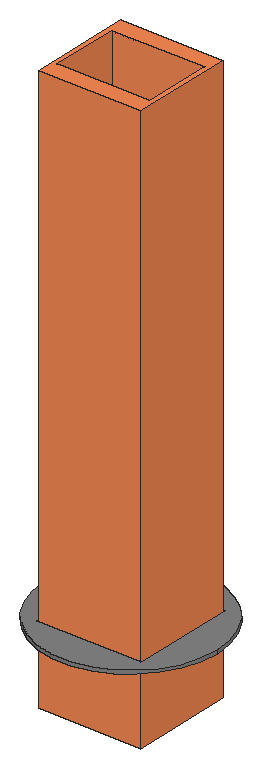
Revit family "Legrand_ElectricFireStopping_EZPathFirestopModule_Series33_Floor", category Equipement spécialisé, Revit 2020
Family settings
  Hôte = Sol
  Cote de connecteur circulaire = Utiliser le diamètre
  Type d'élément = Normal
  Numéro OmniClass = 23.20.50.14
  Titre OmniClass = Firestopping
  Toujours verticalement = Oui
  Couper avec des vides une fois chargée = Non
  Partagée = Non
  Point de calcul de pièce = Non
Parameters (values of type "1 Device with Circular Plate Réf 250018 + 250220")
  _DistributedBy = "www.bimstore.co.uk"
  _CurrentRevision = 2
  _CreatedBy = "https://www.legrand.co.uk/"
  _BimSpecGuid = 0
  _BSBibleVersion = 15
  _AuthorizedBy = "Kris Atkinson"
  _Author = "TechServ@stifirestop.com"
  Weight(Kg) = 1.16 kg
  WarrantyStartDate [instance] = "please record on commissioning"
  WarrantyGuarantorParts = "legrand.sales@legrand.co.uk"
  WarrantyGuarantorLabor = "n/a"
  WarrantyDurationUnit = "Years"
  WarrantyDurationParts = "0"
  WarrantyDurationLabor = "0"
  WarrantyDescription = "Firestop certification guaranteed throughout the entire lifetime of the electrical installation"
  VolumeExpansion = "800%"
  URL = "https://www.legrand.co.uk/products/cable-management/ez-path-fire-stopping-devices/"
  TypeName = Commentaires du type  # "1 Device with Circular Plate"
  General Conditions of Use = "https://export.legrand.com/en/terms-of-use-BIM-objects"
  Elévation par défaut = 0 mm
  Commentaires du type = "1 Device with Circular Plate"
  TestedSystems = "https://www.legrand.co.uk/products/cable-management/ez-path-fire-stopping-devices/"
  TagNumber = "n/a"
  SpareParts = "n/a"
  SoundInsulation(ASTME90) = "STC 50"
  Size = "80x80mm"
  ShelfLife = "No Limit"
  Shape = "Square (Series 33)"
  SerialNumber [instance] = "please record on commissioning"
  SecondaryModelNumberExtensions = "EZD33E"
  SecondaryModelNumberDevice = "EZD33T"
  SecondaryModelNumberBrackets = "EZP133KT"
  SafetyDataSheet = "https://files.stifirestop.com/5.%20Safety%20Data%20Sheets/1.%20English/SDS_EZ-Path%2033.pdf"
  ReplacementCost = "n/a"
  ReferencedStandard = "CE Marking, EN 1366-3, ETA 130993"
  ReactionToFire(EN13501-1) = "Class E"
  ProductionYear = "2017"
  ProductPage = "https://www.legrand.co.uk/products/cable-management/ez-path-fire-stopping-devices/"
  NominalWidth = FloorCutoutWidth  # 77.788 mm
  NominalLength [instance] = FloorThickness + 114.4 mm  # 419.2 mm
  NominalHeight = FloorCutoutHeight  # 77.787 mm
  NoOfExtensions [instance] = (if(ExtensionCalc < 0, 0, ExtensionCalc)) * NoOfDevices  # 1
  NoOfDevices = 1
  NBSReference = "30-85-30"
  NBSOfficeMasterTag = "n/a"
  NBSObjectName = "Legrand Electric Ltd - Fire stopping systems"
  NBSNote = "n/a"
  NBSDescription = "Fire stopping systems"
  ModelReference = Modèle  # "EZ-Path® Permanent Automatic Mechanical Firestop System (Series 33) Floor"
  ModelNumberHangerBracket = "n/a"
  ModelNumberExtensions = "CM250078"
  ModelNumberDevice = "CM250018"
  ModelNumberBrackets = "CM250220"
  ModelNumberAccessoryBracket = "n/a"
  ModelNumber = ModelNumberDevice  # "CM250018"
  Material = "1.5mm thk Galv Steel"
  ManufacturerName = Fabricant  # "Legrand Electric Ltd"
  Note d'identification = "P12"
  InstallationDate [instance] = "please record on commissioning"
  InServiceTemperature = "Not to exceed 49 deg C"
  IfcExportType = "IfcBuildingElementPartTypeEnum.FIRESTOP"
  IfcExportAs = "IfcBuildingElementPart"
  Grade = "n/a"
  FireResistance(EN1366-3) = "2 Hours"
  FireRating = "Up to 4 Hr"
  Finish = "Powder Coated"
  Features = "The modules, which are suitable for all types of wall, can be assembled and installed horizontally or vertically to form a sturdy unit"
  Extidentifier [instance] = "please record on commissioning"
  ExtensionCalc [instance] = (FloorThickness - 203.2 mm) / 152.4 mm  # 1
  ExpectedLife = 0
  ExpansionBegins = "177 deg C"
  EZPathDevice = Firestop-STI-EZ_Path-Series_33_Fire_Rated_Pathway
  SquarePlate = PlateType = 1  # no
  RoundPlatetopHeightCenterline = 1524 mm
  RoundPlateTopOfFloor = PlateType = 2  # no
  RoundPlateTopWidthCenterline = 1524 mm
  RoundPlateCutoutWidth = 76.2 mm
  RoundPlateCutoutHeight = 76.498 mm
  RoundPlateBottomOfFloor = PlateType = 3  # yes
  RoundPlateBottomWidthCenterline = 0 mm
  RoundPlateBottomHeightCenterline = 0 mm
  RoundPlateDia = 127 mm
  Region = "Europe"
  PlateType = 3
  NoPlate = PlateType = 4  # no
  NoGanged = 1
  MountingPlateWidth = 102.394 mm
  MountingPlateLeftCutoutCenterWidth = 38.1 mm
  MountingPlateLeftCenterWidth = 51.197 mm
  MountingPlateCutoutWidth = 76.2 mm
  MountingPlateCutoutHeight = 76.498 mm
  MountingPlateWidthCenterline = 1524 mm
  MountingPlateHeightCenterline = 1524 mm
  MountingPlateHeight = 102.394 mm
  Modèle = "EZ-Path® Permanent Automatic Mechanical Firestop System (Series 33) Floor"
  Fabricant = "Legrand Electric Ltd"
  RetainingPlate = Firestop-STI-EZ_Path-Retaining_Plate
  FloorThickness [instance] = 304.8 mm
  FloorLeftCutoutCenterWidth = 38.894 mm
  FloorCutoutWidth = 77.788 mm
  FloorCutoutHeight = 77.787 mm
  EZ path 7 = NoOfDevices > 6  # no
  EZ path 6 = NoOfDevices > 5  # no
  EZ path 5 = NoOfDevices > 4  # no
  EZ path 4 = NoOfDevices > 3  # no
  EZ path 3 = NoOfDevices > 2  # no
  EZ path 2 = NoOfDevices > 1  # no
  EZ path 1 = NoOfDevices > 0  # yes
  EZPathLeftCenterOfGanged = 37.703 mm
  EZPathCutoutHeight = 50.006 mm
  EZPathCutoutWidth = 68.263 mm
  EZPathWidth = 75.406 mm
  EZPathHeight = 75.406 mm
  DurationUnit = "Years"
  DocumentationTechnical = "https://www.legrand.co.uk/products/cable-management/ez-path-fire-stopping-devices/"
  DocumentationMaintenance = "https://www.legrand.co.uk/products/cable-management/ez-path-fire-stopping-devices/"
  DocumentationLiterature = "https://specifi.bimstore.co.uk/document/share/2376"
  DocumentationInstallationGuide = "https://www.legrand.co.uk/products/cable-management/ez-path-fire-stopping-devices/"
  DocumentationCertificates = "n/a"
  Description = "EZ-Path is a mechanical device that provides fully compliant fire stopping for power and data cable management pathways."
  CreatedOn = "2018-01-02 T09:00:00"
  CreatedBy = "legrand.sales@legrand.co.uk"
  Constituents = "n/a"
  Color = "Red"
  CodePerformance = "Conforms to the European standard EN1366-3, BS476/20, ASTM E814 and DIN4102-9"
  ClassificationValue = "Ss_25_60_30"
  ClassificationName = "Uniclass2015"
  Classification(EN13501-2) = "EI 120"
  BarCode [instance] = "please record on commissioning"
  BIMObjectName = "Legrand_ElectricFireStopping_EZPathFirestopModule_Series33_Floor_1DeviceCircularPlate"
  AssetType = "Fixed"
  AssetIdentifier [instance] = "please record on commissioning"
  Code d'assemblage = "D4030900"
  AirLeakage(UL1479) = "0.14 m3/h 0% cable, 1.14 m3/h 100% cable"
  AccessibilityPerformance = "n/a"
Reference planes
  plane 1 "Center (Front/Back)": y = 0
  plane 2: z = 0
  plane 3 "Center (Left/Right)": x = 0
  plane 4: x = -37.703
  plane 5: x = 37.703
  plane 6: y = 37.703
  plane 7: y = -37.703
  plane 8: x = 0
  plane 9: x = 34.131
  plane 10: x = -34.131
  plane 11: y = -25.003
  plane 12: y = 25.003
  plane 13: x = 113.109
  plane 14: x = 75.406
  plane 15: x = 41.275
  plane 16: x = 109.537
  plane 17: x = 188.516
  plane 18: x = 150.812
  plane 19: x = 116.681
  plane 20: x = 184.944
  plane 21: x = 263.922
  plane 22: x = 226.219
  plane 23: x = 192.087
  plane 24: x = 260.35
  plane 25: x = 339.328
  plane 26: x = 301.625
  plane 27: x = 267.494
  plane 28: x = 335.756
  plane 29: z = -152.4
  plane 30: z = -361.95
  plane 31: z = 57.15
  plane 32: x = 277.416
  plane 33: y = 38.894
  plane 34: y = -38.894
  plane 35: x = 271.066
  plane 36: z = 2.381
  plane 37: z = -307.181
  plane 38: x = 38.894
  plane 39: x = -38.894
  plane 40: x = 414.734
  plane 41: x = 377.031
  plane 42: x = 342.9
  plane 43: x = 411.162
  plane 44: x = 490.141
  plane 45: x = 452.437
  plane 46: x = 418.306
  plane 47: x = 486.569
  plane 48: y = 25.003
  plane 49: y = -25.003
  plane 50: x = -1575.197
  plane 51: x = -1472.803
  plane 52: y = 1524
  plane 53: x = -1562.1
  plane 54: x = -1485.9
  plane 55: x = -1524
  plane 56: y = 1575.197
  plane 57: y = 1472.803
  plane 58: y = 1562.249
  plane 59: y = 1485.751
  plane 60: x = 0
  plane 61: y = 0
  plane 62: x = -63.5
  plane 63: x = 63.5
  plane 64: x = -38.1
  plane 65: x = 38.1
  plane 66: y = 38.249
  plane 67: y = -38.249
  plane 68: x = 1524
  plane 69: x = 1562.1
  plane 70: x = 1587.5
  plane 71: x = 1485.9
  plane 72: x = 1460.5
  plane 73: y = 1524
  plane 74: y = 1562.249
  plane 75: y = 1485.751
Forms (mm)
  Extrusion 1, solid, material "Firestop-STI-EZ_Path-Series_33_Fire_Rated_Pathway" <- "EZPathDevice", visible <- "EZ path 1"
    sketch origin (-91.833, 0, 0) x (1, 0, 0) y (0, 1, 0)
      loop
        line (54.13, -37.703) -> (129.536, -37.703) -> (129.536, 37.703) -> (54.13, 37.703) -> (54.13, -37.703)
      loop
        line (57.702, -25.003) -> (125.964, -25.003) -> (125.964, 25.003) -> (57.702, 25.003) -> (57.702, -25.003)
    from 57.15 to -361.95
  Extrusion 2, solid, material "Firestop-STI-EZ_Path-Series_33_Fire_Rated_Pathway" <- "EZPathDevice", visible <- "EZ path 2"
    sketch origin (-91.833, 0, 0) x (1, 0, 0) y (0, 1, 0)
      loop
        line (129.536, -37.703) -> (204.942, -37.703) -> (204.942, 37.703) -> (129.536, 37.703) -> (129.536, -37.703)
      loop
        line (133.108, -25.003) -> (201.37, -25.003) -> (201.37, 25.003) -> (133.108, 25.003) -> (133.108, -25.003)
    from 57.15 to -361.95
  Extrusion 3, solid, material "Firestop-STI-EZ_Path-Series_33_Fire_Rated_Pathway" <- "EZPathDevice", visible <- "EZ path 3"
    sketch origin (-91.833, 0, 0) x (1, 0, 0) y (0, 1, 0)
      loop
        line (204.942, -37.703) -> (280.349, -37.703) -> (280.349, 37.703) -> (204.942, 37.703) -> (204.942, -37.703)
      loop
        line (208.514, -25.003) -> (276.777, -25.003) -> (276.777, 25.003) -> (208.514, 25.003) -> (208.514, -25.003)
    from 57.15 to -361.95
  Extrusion 4, solid, material "Firestop-STI-EZ_Path-Series_33_Fire_Rated_Pathway" <- "EZPathDevice", visible <- "EZ path 4"
    sketch origin (-91.833, 0, 0) x (1, 0, 0) y (0, 1, 0)
      loop
        line (280.349, -37.703) -> (355.755, -37.703) -> (355.755, 37.703) -> (280.349, 37.703) -> (280.349, -37.703)
      loop
        line (283.92, -25.003) -> (352.183, -25.003) -> (352.183, 25.003) -> (283.92, 25.003) -> (283.92, -25.003)
    from 57.15 to -361.95
  Extrusion 5, solid, material "Firestop-STI-EZ_Path-Series_33_Fire_Rated_Pathway" <- "EZPathDevice", visible <- "EZ path 5"
    sketch origin (-91.833, 0, 0) x (1, 0, 0) y (0, 1, 0)
      loop
        line (355.755, -37.703) -> (431.161, -37.703) -> (431.161, 37.703) -> (355.755, 37.703) -> (355.755, -37.703)
      loop
        line (359.327, -25.003) -> (427.589, -25.003) -> (427.589, 25.003) -> (359.327, 25.003) -> (359.327, -25.003)
    from 57.15 to -361.95
  Extrusion 6, solid, material "Firestop-STI-EZ_Path-Series_33_Fire_Rated_Pathway" <- "EZPathDevice", visible <- "EZ path 6"
    sketch origin (-91.833, 0, 0) x (1, 0, 0) y (0, 1, 0)
      loop
        line (431.161, -37.703) -> (506.567, -37.703) -> (506.567, 37.703) -> (431.161, 37.703) -> (431.161, -37.703)
      loop
        line (434.733, -25.003) -> (502.995, -25.003) -> (502.995, 25.003) -> (434.733, 25.003) -> (434.733, -25.003)
    from 57.15 to -361.95
  Extrusion 7, solid, material "Firestop-STI-EZ_Path-Series_33_Fire_Rated_Pathway" <- "EZPathDevice", visible <- "EZ path 7"
    sketch origin (-9.283, 0, 0) x (1, 0, 0) y (0, 1, 0)
      loop
        line (424.017, -37.703) -> (499.424, -37.703) -> (499.424, 37.703) -> (424.017, 37.703) -> (424.017, -37.703)
      loop
        line (427.589, -25.003) -> (495.852, -25.003) -> (495.852, 25.003) -> (427.589, 25.003) -> (427.589, -25.003)
    from 57.15 to -361.95
  Extrusion 8, solid, material "Firestop-STI-EZ_Path-Retaining_Plate" <- "RetainingPlate", visible <- "SquarePlate", detail levels medium+fine
    sketch origin (0, 0, 0) x (1, 0, 0) y (0, 1, 0)
      loop
        line (-1575.197, 1472.803) -> (-1472.803, 1472.803) -> (-1472.803, 1575.197) -> (-1575.197, 1575.197) -> (-1575.197, 1472.803)
    from -307.181 to -304.8
  Extrusion 9, void
    sketch origin (0, 0, 0) x (1, 0, 0) y (0, 1, 0)
      loop
        line (-1562.1, 1485.751) -> (-1485.9, 1485.751) -> (-1485.9, 1562.249) -> (-1562.1, 1562.249) -> (-1562.1, 1485.751)
    from -307.181 to -304.8
  Extrusion 10, solid, material "Firestop-STI-EZ_Path-Retaining_Plate" <- "RetainingPlate", visible <- "SquarePlate", detail levels medium+fine
    sketch origin (0, 0, 0) x (1, 0, 0) y (0, 1, 0)
      loop
        line (-1575.197, 1472.803) -> (-1472.803, 1472.803) -> (-1472.803, 1575.197) -> (-1575.197, 1575.197) -> (-1575.197, 1472.803)
    from 0 to 2.381
  Extrusion 11, void
    sketch origin (0, 0, 0) x (1, 0, 0) y (0, 1, 0)
      loop
        line (-1562.1, 1485.751) -> (-1485.9, 1485.751) -> (-1485.9, 1562.249) -> (-1562.1, 1562.249) -> (-1562.1, 1485.751)
    from 0 to 2.381
  Extrusion 12, solid, material "Firestop-STI-EZ_Path-Retaining_Plate" <- "RetainingPlate", visible <- "RoundPlateBottomOfFloor", detail levels medium+fine
    sketch origin (0, 0, 0) x (1, 0, 0) y (0, 1, 0)
      loop
        circle (0, 0) r 63.5
    from -307.181 to -304.8
  Extrusion 13, void
    sketch origin (0, 0, 0) x (1, 0, 0) y (0, 1, 0)
      loop
        line (-38.1, -38.249) -> (38.1, -38.249) -> (38.1, 38.249) -> (-38.1, 38.249) -> (-38.1, -38.249)
    from -307.181 to -304.8
  Extrusion 14, solid, material "Firestop-STI-EZ_Path-Retaining_Plate" <- "RetainingPlate", visible <- "RoundPlateTopOfFloor", detail levels medium+fine
    sketch origin (0, 0, 0) x (1, 0, 0) y (0, 1, 0)
      loop
        circle (1524, 1524) r 63.5
    from 0 to 2.381
  Extrusion 15, void
    sketch origin (0, 0, 0) x (1, 0, 0) y (0, 1, 0)
      loop
        line (1485.9, 1485.751) -> (1562.1, 1485.751) -> (1562.1, 1562.249) -> (1485.9, 1562.249) -> (1485.9, 1485.751)
    from 0 to 2.381
Cuts and joins
  Extrusion 9 cuts Extrusion 8
  Extrusion 11 cuts Extrusion 10
  Extrusion 13 cuts Extrusion 12
  Extrusion 15 cuts Extrusion 14
Lines and regions (mm)
  Opening 1
    outline origin (1524, 1524, 0) x (0, 1, 0) y (-1, 0, 0)
      loop
        line (-1562.894, 1562.894) -> (-1562.894, 1485.106) -> (-1485.106, 1485.106) -> (-1485.106, 1562.894) -> (-1562.894, 1562.894)
  symbolic lines, visible <- "EZ path 1"
    curve 1: line (-37.703, -37.703, 0) -> (37.703, -37.703, 0)
    curve 2: line (37.703, -37.703, 0) -> (37.703, 37.703, 0)
    curve 3: line (37.703, 37.703, 0) -> (-37.703, 37.703, 0)
    curve 4: line (-37.703, 37.703, 0) -> (-37.703, -37.703, 0)
    curve 5: line (-34.131, -25.003, 0) -> (34.131, -25.003, 0)
    curve 6: line (-34.131, 25.003, 0) -> (-34.131, -25.003, 0)
    curve 7: line (34.131, 25.003, 0) -> (-34.131, 25.003, 0)
    curve 8: line (34.131, -25.003, 0) -> (34.131, 25.003, 0)
  symbolic lines, visible <- "EZ path 2"
    curve 9: line (37.703, -37.703, 0) -> (113.109, -37.703, 0)
    curve 10: line (113.109, -37.703, 0) -> (113.109, 37.703, 0)
    curve 11: line (113.109, 37.703, 0) -> (37.703, 37.703, 0)
    curve 27: line (41.275, -25.003, 0) -> (109.537, -25.003, 0)
    curve 28: line (41.275, 25.003, 0) -> (41.275, -25.003, 0)
    curve 29: line (109.537, 25.003, 0) -> (41.275, 25.003, 0)
    curve 30: line (109.537, -25.003, 0) -> (109.537, 25.003, 0)
  symbolic lines, visible <- "EZ path 3"
    curve 12: line (113.109, -37.703, 0) -> (188.516, -37.703, 0)
    curve 13: line (188.516, -37.703, 0) -> (188.516, 37.703, 0)
    curve 14: line (188.516, 37.703, 0) -> (113.109, 37.703, 0)
    curve 31: line (116.681, -25.003, 0) -> (184.944, -25.003, 0)
    curve 32: line (116.681, 25.003, 0) -> (116.681, -25.003, 0)
    curve 33: line (184.944, 25.003, 0) -> (116.681, 25.003, 0)
    curve 34: line (184.944, -25.003, 0) -> (184.944, 25.003, 0)
  symbolic lines, visible <- "EZ path 4"
    curve 15: line (188.516, -37.703, 0) -> (263.922, -37.703, 0)
    curve 16: line (263.922, -37.703, 0) -> (263.922, 37.703, 0)
    curve 17: line (263.922, 37.703, 0) -> (188.516, 37.703, 0)
    curve 35: line (192.087, -25.003, 0) -> (260.35, -25.003, 0)
    curve 36: line (192.087, 25.003, 0) -> (192.087, -25.003, 0)
    curve 37: line (260.35, 25.003, 0) -> (192.087, 25.003, 0)
    curve 38: line (260.35, -25.003, 0) -> (260.35, 25.003, 0)
  symbolic lines, visible <- "EZ path 5"
    curve 18: line (263.922, -37.703, 0) -> (339.328, -37.703, 0)
    curve 19: line (339.328, -37.703, 0) -> (339.328, 37.703, 0)
    curve 20: line (339.328, 37.703, 0) -> (263.922, 37.703, 0)
    curve 39: line (267.494, -25.003, 0) -> (335.756, -25.003, 0)
    curve 40: line (267.494, 25.003, 0) -> (267.494, -25.003, 0)
    curve 41: line (335.756, 25.003, 0) -> (267.494, 25.003, 0)
    curve 42: line (335.756, -25.003, 0) -> (335.756, 25.003, 0)
  symbolic lines, visible <- "EZ path 6"
    curve 21: line (339.328, -37.703, 0) -> (414.734, -37.703, 0)
    curve 22: line (414.734, -37.703, 0) -> (414.734, 37.703, 0)
    curve 23: line (414.734, 37.703, 0) -> (339.328, 37.703, 0)
    curve 43: line (342.9, -25.003, 0) -> (411.162, -25.003, 0)
    curve 44: line (342.9, 25.003, 0) -> (342.9, -25.003, 0)
    curve 45: line (411.162, 25.003, 0) -> (342.9, 25.003, 0)
    curve 46: line (411.162, -25.003, 0) -> (411.162, 25.003, 0)
  symbolic lines, visible <- "EZ path 7"
    curve 24: line (414.734, -37.703, 0) -> (490.141, -37.703, 0)
    curve 25: line (490.141, -37.703, 0) -> (490.141, 37.703, 0)
    curve 26: line (490.141, 37.703, 0) -> (414.734, 37.703, 0)
    curve 47: line (418.306, -25.003, 0) -> (486.569, -25.003, 0)
    curve 48: line (418.306, 25.003, 0) -> (418.306, -25.003, 0)
    curve 49: line (486.569, 25.003, 0) -> (418.306, 25.003, 0)
    curve 50: line (486.569, -25.003, 0) -> (486.569, 25.003, 0)
Dimensions and locks
  equal spacing: host sketch curve, plane 1 "Center (Front/Back)", host sketch curve
  equal spacing: host sketch curve, plane 3 "Center (Left/Right)", host sketch curve
  host sketch curve to host sketch curve = 3048 mm  (x2)
  equal spacing: plane 10, plane 8, plane 9
  equal spacing: plane 4, plane 8, plane 5
  "EZPathWidth": plane 4 to plane 5
  "EZPathCutoutWidth": plane 10 to plane 9
  equal spacing: plane 11, plane 1 "Center (Front/Back)", plane 12
  equal spacing: plane 7, plane 1 "Center (Front/Back)", plane 6
  "EZPathHeight": plane 7 to plane 6
  "EZPathCutoutHeight": plane 11 to plane 12
  equal spacing: plane 15, plane 14, plane 16
  equal spacing: plane 19, plane 18, plane 20
  equal spacing: plane 23, plane 22, plane 24
  equal spacing: plane 27, plane 26, plane 28
  "EZPathCutoutWidth": plane 15 to plane 16
  "EZPathCutoutWidth": plane 19 to plane 20
  "EZPathCutoutWidth": plane 23 to plane 24
  "EZPathCutoutWidth": plane 27 to plane 28
  equal spacing: plane 5, plane 14, plane 13
  equal spacing: plane 13, plane 18, plane 17
  equal spacing: plane 17, plane 22, plane 21
  equal spacing: plane 21, plane 26, plane 25
  "EZPathWidth": plane 5 to plane 13
  "EZPathWidth": plane 13 to plane 17
  "EZPathWidth": plane 17 to plane 21
  "EZPathWidth": plane 21 to plane 25
  plane 8 to plane 14 = 75.406 mm
  plane 18 to plane 22 = 75.406 mm
  plane 22 to plane 26 = 75.406 mm
  plane 14 to plane 18 = 75.406 mm
  "EZPathLeftCenterOfGanged": plane 4 to plane 3 "Center (Left/Right)"
  equal spacing: plane 31, plane 29, plane 30
  plane 31 to plane 30 = 419.1 mm
  equal spacing: plane 34, plane 1 "Center (Front/Back)", plane 33
  "FloorCutoutHeight": plane 34 to plane 33
  locked: plane 37 to host floor at 2.381
  locked: plane 36 to level at 2.381
  plane 35 to plane 32 = 6.35 mm
  "FloorLeftCutoutCenterWidth": plane 39 to plane 8
  "FloorCutoutWidth": plane 39 to plane 38
  equal spacing: plane 42, plane 41, plane 43
  "EZPathCutoutWidth": plane 42 to plane 43
  equal spacing: plane 25, plane 41, plane 40
  "EZPathWidth": plane 25 to plane 40
  plane 26 to plane 41 = 75.406 mm
  equal spacing: plane 46, plane 45, plane 47
  "EZPathCutoutWidth": plane 46 to plane 47
  equal spacing: plane 40, plane 45, plane 44
  "EZPathWidth": plane 40 to plane 44
  equal spacing: host floor, plane 29, level
  "FloorThickness": host floor to host floor
  equal spacing: plane 48, plane 1 "Center (Front/Back)", plane 49
  "EZPathCutoutHeight": plane 48 to plane 49
  "MountingPlateWidth": plane 50 to plane 51
  "MountingPlateCutoutWidth": plane 53 to plane 54
  "MountingPlateLeftCenterWidth": plane 50 to plane 55
  "MountingPlateLeftCutoutCenterWidth": plane 53 to plane 55
  equal spacing: plane 56, plane 52, plane 57
  "MountingPlateHeight": plane 56 to plane 57
  equal spacing: plane 58, plane 52, plane 59
  "MountingPlateCutoutHeight": plane 58 to plane 59
  "MountingPlateHeightCenterline": plane 52 to plane 1 "Center (Front/Back)"
  "MountingPlateWidthCenterline": plane 55 to plane 8
  equal spacing: plane 64, plane 60, plane 65
  "RoundPlateCutoutWidth": plane 64 to plane 65
  equal spacing: plane 66, plane 61, plane 67
  "RoundPlateCutoutHeight": plane 66 to plane 67
  equal spacing: plane 62, plane 60, plane 63
  "RoundPlateDia": plane 62 to plane 63
  "RoundPlateBottomHeightCenterline": plane 61 to plane 1 "Center (Front/Back)"
  "RoundPlateBottomWidthCenterline": plane 8 to plane 60
  equal spacing: plane 71, plane 68, plane 69
  "RoundPlateCutoutWidth": plane 71 to plane 69
  equal spacing: plane 74, plane 73, plane 75
  "RoundPlateCutoutHeight": plane 74 to plane 75
  equal spacing: plane 72, plane 68, plane 70
  "RoundPlateDia": plane 72 to plane 70
  "RoundPlatetopHeightCenterline": plane 73 to plane 1 "Center (Front/Back)"
  "RoundPlateTopWidthCenterline": plane 8 to plane 68
  aligned and locked: level to plane 2
  aligned and locked: plane 7 to Extrusion 1 sketch curve
  aligned and locked: plane 4 to Extrusion 1 sketch curve
  aligned and locked: plane 6 to Extrusion 1 sketch curve
  aligned and locked: Extrusion 1 sketch curve to plane 5
  aligned and locked: plane 11 to Extrusion 1 sketch curve
  aligned and locked: plane 10 to Extrusion 1 sketch curve
  aligned and locked: plane 12 to Extrusion 1 sketch curve
  aligned and locked: Extrusion 1 sketch curve to plane 9
  aligned and locked: Extrusion 1 to Extrusion 2 sketch curve
  aligned and locked: Extrusion 2 sketch curve to Extrusion 1
  aligned and locked: plane 6 to Extrusion 2 sketch curve
  aligned and locked: Extrusion 2 sketch curve to plane 13
  aligned and locked: plane 11 to Extrusion 2 sketch curve
  aligned and locked: plane 15 to Extrusion 2 sketch curve
  aligned and locked: plane 12 to Extrusion 2 sketch curve
  aligned and locked: Extrusion 2 sketch curve to plane 16
  aligned and locked: Extrusion 2 to Extrusion 3 sketch curve
  aligned and locked: Extrusion 3 sketch curve to Extrusion 2
  aligned and locked: plane 6 to Extrusion 3 sketch curve
  aligned and locked: Extrusion 3 sketch curve to plane 17
  aligned and locked: plane 11 to Extrusion 3 sketch curve
  aligned and locked: plane 19 to Extrusion 3 sketch curve
  aligned and locked: plane 12 to Extrusion 3 sketch curve
  aligned and locked: Extrusion 3 sketch curve to plane 20
  aligned and locked: Extrusion 3 to Extrusion 4 sketch curve
  aligned and locked: Extrusion 4 sketch curve to Extrusion 3
  aligned and locked: plane 6 to Extrusion 4 sketch curve
  aligned and locked: Extrusion 4 sketch curve to plane 21
  aligned and locked: plane 11 to Extrusion 4 sketch curve
  aligned and locked: plane 23 to Extrusion 4 sketch curve
  aligned and locked: plane 12 to Extrusion 4 sketch curve
  aligned and locked: Extrusion 4 sketch curve to plane 24
  aligned and locked: Extrusion 4 to Extrusion 5 sketch curve
  aligned and locked: Extrusion 5 sketch curve to Extrusion 4
  aligned and locked: plane 6 to Extrusion 5 sketch curve
  aligned and locked: Extrusion 5 sketch curve to plane 25
  aligned and locked: plane 11 to Extrusion 5 sketch curve
  aligned and locked: plane 27 to Extrusion 5 sketch curve
  aligned and locked: plane 12 to Extrusion 5 sketch curve
  aligned and locked: Extrusion 5 sketch curve to plane 28
  aligned and locked: Extrusion 5 to Extrusion 6 sketch curve
  aligned and locked: Extrusion 6 sketch curve to Extrusion 5
  aligned and locked: plane 6 to Extrusion 6 sketch curve
  aligned and locked: plane 12 to Extrusion 6 sketch curve
  aligned and locked: Extrusion 6 to plane 11
  aligned and locked: Extrusion 5 to Extrusion 6  (x2)
  aligned and locked: Extrusion 4 to Extrusion 5  (x2)
  aligned and locked: Extrusion 3 to Extrusion 4  (x2)
  aligned and locked: Extrusion 2 to Extrusion 3  (x2)
  aligned and locked: Extrusion 1 to Extrusion 2  (x2)
  aligned and locked: plane 34 to Opening 1 sketch curve
  aligned and locked: Opening 1 sketch curve to plane 39
  aligned and locked: plane 33 to Opening 1 sketch curve
  aligned and locked: Opening 1 sketch curve to plane 38
  aligned and locked: Extrusion 6 to plane 42
  aligned and locked: plane 43 to Extrusion 6
  aligned and locked: Extrusion 6 to plane 40
  aligned and locked: Extrusion 7 to plane 44
  aligned and locked: plane 47 to Extrusion 7
  aligned and locked: Extrusion 7 to plane 46
  aligned and locked: Extrusion 7 to Extrusion 6
  aligned and locked: plane 7 to Extrusion 7
  aligned and locked: Extrusion 7 to plane 11
  aligned and locked: Extrusion 7 to plane 12
  aligned and locked: plane 6 to Extrusion 7
  aligned and locked: Extrusion 1 to Extrusion 7
  aligned and locked: Extrusion 7 to Extrusion 1
  aligned and locked: Extrusion 6 to plane 31
  aligned and locked: plane 30 to Extrusion 6
  aligned and locked: Extrusion 1 to curve 1
  aligned and locked: curve 1 to Extrusion 1
  aligned and locked: curve 2 to Extrusion 1
  aligned and locked: curve 3 to Extrusion 1
  aligned and locked: curve 4 to Extrusion 1
  aligned and locked: curve 5 to Extrusion 1
  aligned and locked: curve 6 to Extrusion 1
  aligned and locked: curve 7 to Extrusion 1
  aligned and locked: curve 8 to Extrusion 1
  aligned and locked: curve 1 to curve 9
  aligned and locked: curve 10 to Extrusion 2
  aligned and locked: Extrusion 3 to curve 11
  aligned and locked: curve 9 to curve 12
  aligned and locked: curve 13 to Extrusion 3
  aligned and locked: curve 14 to Extrusion 3
  aligned and locked: curve 12 to curve 15
  aligned and locked: curve 16 to Extrusion 4
  aligned and locked: curve 17 to Extrusion 4
  aligned and locked: plane 7 to curve 18
  aligned and locked: curve 19 to Extrusion 5
  aligned and locked: curve 20 to Extrusion 5
  aligned and locked: plane 7 to curve 21
  aligned and locked: curve 22 to Extrusion 6
  aligned and locked: curve 23 to Extrusion 6
  aligned and locked: curve 21 to curve 24
  aligned and locked: curve 25 to Extrusion 7
  aligned and locked: curve 26 to Extrusion 7
  aligned and locked: curve 27 to Extrusion 2
  aligned and locked: curve 28 to Extrusion 2
  aligned and locked: curve 29 to Extrusion 2
  aligned and locked: curve 30 to Extrusion 2
  aligned and locked: curve 31 to Extrusion 3
  aligned and locked: curve 32 to Extrusion 3
  aligned and locked: curve 33 to Extrusion 3
  aligned and locked: curve 34 to Extrusion 3
  aligned and locked: curve 35 to Extrusion 4
  aligned and locked: curve 36 to Extrusion 4
  aligned and locked: curve 37 to Extrusion 4
  aligned and locked: curve 38 to Extrusion 4
  aligned and locked: curve 39 to Extrusion 5
  aligned and locked: curve 40 to Extrusion 5
  aligned and locked: curve 41 to Extrusion 5
  aligned and locked: curve 42 to Extrusion 5
  aligned and locked: curve 43 to Extrusion 6
  aligned and locked: curve 44 to Extrusion 6
  aligned and locked: curve 45 to Extrusion 6
  aligned and locked: curve 46 to Extrusion 6
  aligned and locked: curve 47 to Extrusion 7
  aligned and locked: curve 48 to Extrusion 7
  aligned and locked: curve 49 to Extrusion 7
  aligned and locked: curve 50 to Extrusion 7
  aligned and locked: Extrusion 8 sketch curve to plane 57
  aligned and locked: Extrusion 8 sketch curve to plane 50
  aligned and locked: plane 56 to Extrusion 8 sketch curve
  aligned and locked: plane 51 to Extrusion 8 sketch curve
  aligned and locked: Extrusion 9 sketch curve to plane 59
  aligned and locked: Extrusion 9 sketch curve to plane 53
  aligned and locked: plane 58 to Extrusion 9 sketch curve
  aligned and locked: plane 54 to Extrusion 9 sketch curve
  aligned and locked: plane 37 to Extrusion 8
  aligned and locked: Extrusion 8 to host floor
  aligned and locked: plane 37 to Extrusion 9
  aligned and locked: Extrusion 9 to host floor
  aligned and locked: Extrusion 10 sketch curve to cut or joined group of Extrusion 8, Extrusion 9  (x4)
  aligned and locked: Extrusion 11 sketch curve to cut or joined group of Extrusion 8, Extrusion 9  (x4)
  aligned and locked: Extrusion 10 to level
  aligned and locked: Extrusion 11 to level
  aligned and locked: plane 36 to Extrusion 11
  aligned and locked: plane 36 to Extrusion 10
  aligned and locked: plane 61 to Extrusion 12 sketch curve
  aligned and locked: plane 63 to Extrusion 12 sketch curve
  aligned and locked: Extrusion 13 sketch curve to plane 67
  aligned and locked: plane 64 to Extrusion 13 sketch curve
  aligned and locked: plane 66 to Extrusion 13 sketch curve
  aligned and locked: Extrusion 13 sketch curve to plane 65
  aligned and locked: plane 37 to Extrusion 13
  aligned and locked: Extrusion 13 to host floor
  aligned and locked: plane 37 to Extrusion 12
  aligned and locked: Extrusion 12 to host floor
  aligned and locked: Extrusion 14 sketch curve to plane 73
  aligned and locked: Extrusion 14 sketch curve to plane 70
  aligned and locked: plane 75 to Extrusion 15 sketch curve
  aligned and locked: Extrusion 15 sketch curve to plane 71
  aligned and locked: Extrusion 15 sketch curve to plane 74
  aligned and locked: plane 69 to Extrusion 15 sketch curve
  aligned and locked: Extrusion 15 to level
  aligned and locked: Extrusion 14 to level
  aligned and locked: plane 36 to Extrusion 14
Automatic sketch dimensions
  plane 11 to Extrusion 6 sketch curve = 0 mm
  Extrusion 6 sketch curve to plane 42 = 0 mm
  Extrusion 6 sketch curve to plane 43 = 0 mm
  Extrusion 6 sketch curve to plane 40 = 0 mm
  plane 6 to Extrusion 7 sketch curve = 0 mm
  plane 7 to Extrusion 7 sketch curve = 0 mm
  Extrusion 7 sketch curve to plane 11 = 0 mm
  Extrusion 7 sketch curve to plane 12 = 0 mm
  Extrusion 7 sketch curve to plane 43 = 3.572 mm
  Extrusion 7 sketch curve to plane 43 = 7.144 mm
  plane 47 to Extrusion 7 sketch curve = 0 mm
  Extrusion 7 sketch curve to plane 47 = 3.572 mm
  Extrusion 12 sketch curve to plane 62 = 0 mm
  Extrusion 14 sketch curve to plane 72 = 0 mm
